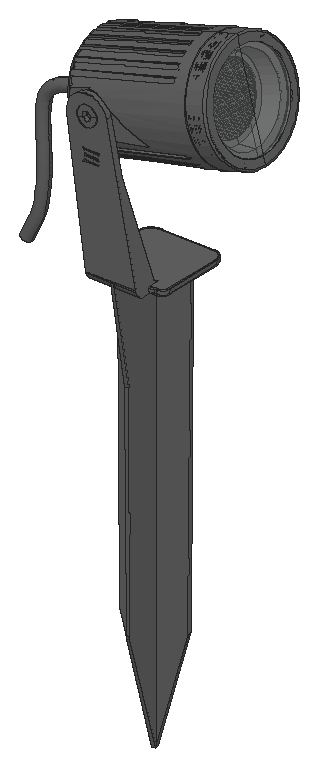
Revit family "STL23765_30 - 15°", category Luminárias, Revit 2023 (continued)
Forms (m)
  Sweep 69, void, not visible
    profile origin (-0.035493, 0.103729, 0.082278) x (0.694296, -0.072899, 0.715988) y (-0.104423, -0.994533, 0)
      loop
        line (-0.001134, -0.001607) -> (0.000403, -0.001703) -> (0.001856, -0.001576)
        spline (0.001856, -0.001576) -> (0.001833, -0.001314) -> (0.001814, -0.001052) -> (0.0018, -0.000789) -> (0.00179, -0.000526) -> (0.001784, -0.000263) -> (0.001782, 0) -> (0.001784, 0.000263) -> (0.00179, 0.000526) -> (0.0018, 0.000789) -> (0.001814, 0.001052) -> (0.001833, 0.001314) -> (0.001856, 0.001576)
        line (0.001856, 0.001576) -> (0.000403, 0.001703) -> (-0.001134, 0.001607)
        spline (-0.001134, 0.001607) -> (-0.001144, 0.001473) -> (-0.001154, 0.001339) -> (-0.001163, 0.001206) -> (-0.00117, 0.001072) -> (-0.001177, 0.000938) -> (-0.001183, 0.000804) -> (-0.001188, 0.00067) -> (-0.001192, 0.000536) -> (-0.001195, 0.000402) -> (-0.001198, 0.000268) -> (-0.001199, 0.000134) -> (-0.001199, 0)
        spline (-0.001199, 0) -> (-0.001199, -0.000134) -> (-0.001198, -0.000268) -> (-0.001195, -0.000402) -> (-0.001192, -0.000536) -> (-0.001188, -0.00067) -> (-0.001183, -0.000804) -> (-0.001177, -0.000938) -> (-0.00117, -0.001072) -> (-0.001163, -0.001206) -> (-0.001154, -0.001339) -> (-0.001144, -0.001473) -> (-0.001134, -0.001607)
  Sweep 70, void, not visible
    path origin (-0.017647, 0.105735, 0.096316) x (0.951077, -0.308954, 0) y (0, 0, 1)
      loop
        line (-0.019286, -0.011939) -> (-0.01498, -0.016138) -> (-0.013266, -0.08651)
    profile origin (-0.033942, 0.111029, 0.082278) x (0.663959, -0.215685, 0.715988) y (-0.308954, -0.951077, 0)
      loop
        line (-0.001134, -0.001607) -> (0.000403, -0.001703) -> (0.001856, -0.001576)
        spline (0.001856, -0.001576) -> (0.001833, -0.001314) -> (0.001814, -0.001052) -> (0.0018, -0.000789) -> (0.00179, -0.000526) -> (0.001784, -0.000263) -> (0.001782, 0) -> (0.001784, 0.000263) -> (0.00179, 0.000526) -> (0.0018, 0.000789) -> (0.001814, 0.001052) -> (0.001833, 0.001314) -> (0.001856, 0.001576)
        line (0.001856, 0.001576) -> (0.000403, 0.001703) -> (-0.001134, 0.001607)
        spline (-0.001134, 0.001607) -> (-0.001144, 0.001473) -> (-0.001154, 0.001339) -> (-0.001163, 0.001206) -> (-0.00117, 0.001072) -> (-0.001177, 0.000938) -> (-0.001183, 0.000804) -> (-0.001188, 0.00067) -> (-0.001192, 0.000536) -> (-0.001195, 0.000402) -> (-0.001198, 0.000268) -> (-0.001199, 0.000134) -> (-0.001199, 0)
        spline (-0.001199, 0) -> (-0.001199, -0.000134) -> (-0.001198, -0.000268) -> (-0.001195, -0.000402) -> (-0.001192, -0.000536) -> (-0.001188, -0.00067) -> (-0.001183, -0.000804) -> (-0.001177, -0.000938) -> (-0.00117, -0.001072) -> (-0.001163, -0.001206) -> (-0.001154, -0.001339) -> (-0.001144, -0.001473) -> (-0.001134, -0.001607)
  Sweep 71, void, not visible
    path origin (-0.017647, 0.094265, 0.096316) x (0.951077, 0.308954, 0) y (0, 0, -1)
      loop
        line (-0.019286, 0.011939) -> (-0.01498, 0.016138) -> (-0.013266, 0.08651)
    profile origin (-0.033942, 0.088971, 0.082278) x (-0.663959, -0.215685, -0.715988) y (-0.308954, 0.951077, 0)
      loop
        spline (0.001134, -0.001607) -> (0.001144, -0.001473) -> (0.001154, -0.001339) -> (0.001163, -0.001206) -> (0.00117, -0.001072) -> (0.001177, -0.000938) -> (0.001183, -0.000804) -> (0.001188, -0.00067) -> (0.001192, -0.000536) -> (0.001195, -0.000402) -> (0.001198, -0.000268) -> (0.001199, -0.000134) -> (0.001199, 0)
        spline (0.001199, 0) -> (0.001199, 0.000134) -> (0.001198, 0.000268) -> (0.001195, 0.000402) -> (0.001192, 0.000536) -> (0.001188, 0.00067) -> (0.001183, 0.000804) -> (0.001177, 0.000938) -> (0.00117, 0.001072) -> (0.001163, 0.001206) -> (0.001154, 0.001339) -> (0.001144, 0.001473) -> (0.001134, 0.001607)
        line (0.001134, 0.001607) -> (-0.000403, 0.001703) -> (-0.001856, 0.001576)
        spline (-0.001856, 0.001576) -> (-0.001833, 0.001314) -> (-0.001814, 0.001052) -> (-0.0018, 0.000789) -> (-0.00179, 0.000526) -> (-0.001784, 0.000263) -> (-0.001782, 0) -> (-0.001784, -0.000263) -> (-0.00179, -0.000526) -> (-0.0018, -0.000789) -> (-0.001814, -0.001052) -> (-0.001833, -0.001314) -> (-0.001856, -0.001576)
        line (-0.001856, -0.001576) -> (-0.000403, -0.001703) -> (0.001134, -0.001607)
  Sweep 72, void, not visible
    path origin (-0.018454, 0.09806, 0.096316) x (0.994533, 0.104423, 0) y (0, 0, -1)
      loop
        line (-0.019286, 0.011939) -> (-0.01498, 0.016138) -> (-0.013266, 0.08651)
    profile origin (-0.035493, 0.096271, 0.082278) x (-0.694296, -0.072899, -0.715988) y (-0.104423, 0.994533, 0)
      loop
        spline (0.001134, -0.001607) -> (0.001144, -0.001473) -> (0.001154, -0.001339) -> (0.001163, -0.001206) -> (0.00117, -0.001072) -> (0.001177, -0.000938) -> (0.001183, -0.000804) -> (0.001188, -0.00067) -> (0.001192, -0.000536) -> (0.001195, -0.000402) -> (0.001198, -0.000268) -> (0.001199, -0.000134) -> (0.001199, 0)
        spline (0.001199, 0) -> (0.001199, 0.000134) -> (0.001198, 0.000268) -> (0.001195, 0.000402) -> (0.001192, 0.000536) -> (0.001188, 0.00067) -> (0.001183, 0.000804) -> (0.001177, 0.000938) -> (0.00117, 0.001072) -> (0.001163, 0.001206) -> (0.001154, 0.001339) -> (0.001144, 0.001473) -> (0.001134, 0.001607)
        line (0.001134, 0.001607) -> (-0.000403, 0.001703) -> (-0.001856, 0.001576)
        spline (-0.001856, 0.001576) -> (-0.001833, 0.001314) -> (-0.001814, 0.001052) -> (-0.0018, 0.000789) -> (-0.00179, 0.000526) -> (-0.001784, 0.000263) -> (-0.001782, 0) -> (-0.001784, -0.000263) -> (-0.00179, -0.000526) -> (-0.0018, -0.000789) -> (-0.001814, -0.001052) -> (-0.001833, -0.001314) -> (-0.001856, -0.001576)
        line (-0.001856, -0.001576) -> (-0.000403, -0.001703) -> (0.001134, -0.001607)
  Sweep 73, void, not visible
    path origin (-0.01607, 0.109278, 0.096316) x (0.866093, -0.499884, 0) y (0, 0, 1)
      loop
        line (-0.019286, -0.011939) -> (-0.01498, -0.016138) -> (-0.013266, -0.08651)
    profile origin (-0.030908, 0.117843, 0.082278) x (0.60463, -0.348975, 0.715988) y (-0.499884, -0.866093, 0)
      loop
        line (-0.001134, -0.001607) -> (0.000403, -0.001703) -> (0.001856, -0.001576)
        spline (0.001856, -0.001576) -> (0.001833, -0.001314) -> (0.001814, -0.001052) -> (0.0018, -0.000789) -> (0.00179, -0.000526) -> (0.001784, -0.000263) -> (0.001782, 0) -> (0.001784, 0.000263) -> (0.00179, 0.000526) -> (0.0018, 0.000789) -> (0.001814, 0.001052) -> (0.001833, 0.001314) -> (0.001856, 0.001576)
        line (0.001856, 0.001576) -> (0.000403, 0.001703) -> (-0.001134, 0.001607)
        spline (-0.001134, 0.001607) -> (-0.001144, 0.001473) -> (-0.001154, 0.001339) -> (-0.001163, 0.001206) -> (-0.00117, 0.001072) -> (-0.001177, 0.000938) -> (-0.001183, 0.000804) -> (-0.001188, 0.00067) -> (-0.001192, 0.000536) -> (-0.001195, 0.000402) -> (-0.001198, 0.000268) -> (-0.001199, 0.000134) -> (-0.001199, 0)
        spline (-0.001199, 0) -> (-0.001199, -0.000134) -> (-0.001198, -0.000268) -> (-0.001195, -0.000402) -> (-0.001192, -0.000536) -> (-0.001188, -0.00067) -> (-0.001183, -0.000804) -> (-0.001177, -0.000938) -> (-0.00117, -0.001072) -> (-0.001163, -0.001206) -> (-0.001154, -0.001339) -> (-0.001144, -0.001473) -> (-0.001134, -0.001607)
  Sweep 74, void, not visible
    path origin (-0.01607, 0.090722, 0.096316) x (0.866093, 0.499884, 0) y (0, 0, -1)
      loop
        line (-0.019286, 0.011939) -> (-0.01498, 0.016138) -> (-0.013266, 0.08651)
    profile origin (-0.030908, 0.082157, 0.082278) x (-0.60463, -0.348975, -0.715988) y (-0.499884, 0.866093, 0)
      loop
        spline (0.001134, -0.001607) -> (0.001144, -0.001473) -> (0.001154, -0.001339) -> (0.001163, -0.001206) -> (0.00117, -0.001072) -> (0.001177, -0.000938) -> (0.001183, -0.000804) -> (0.001188, -0.00067) -> (0.001192, -0.000536) -> (0.001195, -0.000402) -> (0.001198, -0.000268) -> (0.001199, -0.000134) -> (0.001199, 0)
        spline (0.001199, 0) -> (0.001199, 0.000134) -> (0.001198, 0.000268) -> (0.001195, 0.000402) -> (0.001192, 0.000536) -> (0.001188, 0.00067) -> (0.001183, 0.000804) -> (0.001177, 0.000938) -> (0.00117, 0.001072) -> (0.001163, 0.001206) -> (0.001154, 0.001339) -> (0.001144, 0.001473) -> (0.001134, 0.001607)
        line (0.001134, 0.001607) -> (-0.000403, 0.001703) -> (-0.001856, 0.001576)
        spline (-0.001856, 0.001576) -> (-0.001833, 0.001314) -> (-0.001814, 0.001052) -> (-0.0018, 0.000789) -> (-0.00179, 0.000526) -> (-0.001784, 0.000263) -> (-0.001782, 0) -> (-0.001784, -0.000263) -> (-0.00179, -0.000526) -> (-0.0018, -0.000789) -> (-0.001814, -0.001052) -> (-0.001833, -0.001314) -> (-0.001856, -0.001576)
        line (-0.001856, -0.001576) -> (-0.000403, -0.001703) -> (0.001134, -0.001607)
  Sweep 75, void, not visible
    path origin (-0.01379, 0.112416, 0.096316) x (0.743253, -0.66901, 0) y (0, 0, 1)
      loop
        line (-0.019286, -0.011939) -> (-0.01498, -0.016138) -> (-0.013266, -0.08651)
    profile origin (-0.026524, 0.123878, 0.082278) x (0.518874, -0.467045, 0.715988) y (-0.66901, -0.743253, 0)
      loop
        line (-0.001134, -0.001607) -> (0.000403, -0.001703) -> (0.001856, -0.001576)
        spline (0.001856, -0.001576) -> (0.001833, -0.001314) -> (0.001814, -0.001052) -> (0.0018, -0.000789) -> (0.00179, -0.000526) -> (0.001784, -0.000263) -> (0.001782, 0) -> (0.001784, 0.000263) -> (0.00179, 0.000526) -> (0.0018, 0.000789) -> (0.001814, 0.001052) -> (0.001833, 0.001314) -> (0.001856, 0.001576)
        line (0.001856, 0.001576) -> (0.000403, 0.001703) -> (-0.001134, 0.001607)
        spline (-0.001134, 0.001607) -> (-0.001144, 0.001473) -> (-0.001154, 0.001339) -> (-0.001163, 0.001206) -> (-0.00117, 0.001072) -> (-0.001177, 0.000938) -> (-0.001183, 0.000804) -> (-0.001188, 0.00067) -> (-0.001192, 0.000536) -> (-0.001195, 0.000402) -> (-0.001198, 0.000268) -> (-0.001199, 0.000134) -> (-0.001199, 0)
        spline (-0.001199, 0) -> (-0.001199, -0.000134) -> (-0.001198, -0.000268) -> (-0.001195, -0.000402) -> (-0.001192, -0.000536) -> (-0.001188, -0.00067) -> (-0.001183, -0.000804) -> (-0.001177, -0.000938) -> (-0.00117, -0.001072) -> (-0.001163, -0.001206) -> (-0.001154, -0.001339) -> (-0.001144, -0.001473) -> (-0.001134, -0.001607)
  Sweep 76, void, not visible
    path origin (-0.010907, 0.115012, 0.096316) x (0.587905, -0.80893, 0) y (0, 0, 1)
      loop
        line (-0.019286, -0.011939) -> (-0.01498, -0.016138) -> (-0.013266, -0.08651)
    profile origin (-0.020979, 0.128871, 0.082278) x (0.410424, -0.564724, 0.715988) y (-0.80893, -0.587905, 0)
      loop
        line (-0.001134, -0.001607) -> (0.000403, -0.001703) -> (0.001856, -0.001576)
        spline (0.001856, -0.001576) -> (0.001833, -0.001314) -> (0.001814, -0.001052) -> (0.0018, -0.000789) -> (0.00179, -0.000526) -> (0.001784, -0.000263) -> (0.001782, 0) -> (0.001784, 0.000263) -> (0.00179, 0.000526) -> (0.0018, 0.000789) -> (0.001814, 0.001052) -> (0.001833, 0.001314) -> (0.001856, 0.001576)
        line (0.001856, 0.001576) -> (0.000403, 0.001703) -> (-0.001134, 0.001607)
        spline (-0.001134, 0.001607) -> (-0.001144, 0.001473) -> (-0.001154, 0.001339) -> (-0.001163, 0.001206) -> (-0.00117, 0.001072) -> (-0.001177, 0.000938) -> (-0.001183, 0.000804) -> (-0.001188, 0.00067) -> (-0.001192, 0.000536) -> (-0.001195, 0.000402) -> (-0.001198, 0.000268) -> (-0.001199, 0.000134) -> (-0.001199, 0)
        spline (-0.001199, 0) -> (-0.001199, -0.000134) -> (-0.001198, -0.000268) -> (-0.001195, -0.000402) -> (-0.001192, -0.000536) -> (-0.001188, -0.00067) -> (-0.001183, -0.000804) -> (-0.001177, -0.000938) -> (-0.00117, -0.001072) -> (-0.001163, -0.001206) -> (-0.001154, -0.001339) -> (-0.001144, -0.001473) -> (-0.001134, -0.001607)
  Sweep 77, void, not visible
    path origin (-0.01379, 0.087584, 0.096316) x (0.743253, 0.66901, 0) y (0, 0, -1)
      loop
        line (-0.019286, 0.011939) -> (-0.01498, 0.016138) -> (-0.013266, 0.08651)
    profile origin (-0.026524, 0.076122, 0.082278) x (-0.518874, -0.467045, -0.715988) y (-0.66901, 0.743253, 0)
      loop
        spline (0.001134, -0.001607) -> (0.001144, -0.001473) -> (0.001154, -0.001339) -> (0.001163, -0.001206) -> (0.00117, -0.001072) -> (0.001177, -0.000938) -> (0.001183, -0.000804) -> (0.001188, -0.00067) -> (0.001192, -0.000536) -> (0.001195, -0.000402) -> (0.001198, -0.000268) -> (0.001199, -0.000134) -> (0.001199, 0)
        spline (0.001199, 0) -> (0.001199, 0.000134) -> (0.001198, 0.000268) -> (0.001195, 0.000402) -> (0.001192, 0.000536) -> (0.001188, 0.00067) -> (0.001183, 0.000804) -> (0.001177, 0.000938) -> (0.00117, 0.001072) -> (0.001163, 0.001206) -> (0.001154, 0.001339) -> (0.001144, 0.001473) -> (0.001134, 0.001607)
        line (0.001134, 0.001607) -> (-0.000403, 0.001703) -> (-0.001856, 0.001576)
        spline (-0.001856, 0.001576) -> (-0.001833, 0.001314) -> (-0.001814, 0.001052) -> (-0.0018, 0.000789) -> (-0.00179, 0.000526) -> (-0.001784, 0.000263) -> (-0.001782, 0) -> (-0.001784, -0.000263) -> (-0.00179, -0.000526) -> (-0.0018, -0.000789) -> (-0.001814, -0.001052) -> (-0.001833, -0.001314) -> (-0.001856, -0.001576)
        line (-0.001856, -0.001576) -> (-0.000403, -0.001703) -> (0.001134, -0.001607)
  Sweep 78, void, not visible
    path origin (-0.010907, 0.084988, 0.096316) x (0.587905, 0.80893, 0) y (0, 0, -1)
      loop
        line (-0.019286, 0.011939) -> (-0.01498, 0.016138) -> (-0.013266, 0.08651)
    profile origin (-0.020979, 0.071129, 0.082278) x (-0.410424, -0.564724, -0.715988) y (-0.80893, 0.587905, 0)
      loop
        spline (0.001134, -0.001607) -> (0.001144, -0.001473) -> (0.001154, -0.001339) -> (0.001163, -0.001206) -> (0.00117, -0.001072) -> (0.001177, -0.000938) -> (0.001183, -0.000804) -> (0.001188, -0.00067) -> (0.001192, -0.000536) -> (0.001195, -0.000402) -> (0.001198, -0.000268) -> (0.001199, -0.000134) -> (0.001199, 0)
        spline (0.001199, 0) -> (0.001199, 0.000134) -> (0.001198, 0.000268) -> (0.001195, 0.000402) -> (0.001192, 0.000536) -> (0.001188, 0.00067) -> (0.001183, 0.000804) -> (0.001177, 0.000938) -> (0.00117, 0.001072) -> (0.001163, 0.001206) -> (0.001154, 0.001339) -> (0.001144, 0.001473) -> (0.001134, 0.001607)
        line (0.001134, 0.001607) -> (-0.000403, 0.001703) -> (-0.001856, 0.001576)
        spline (-0.001856, 0.001576) -> (-0.001833, 0.001314) -> (-0.001814, 0.001052) -> (-0.0018, 0.000789) -> (-0.00179, 0.000526) -> (-0.001784, 0.000263) -> (-0.001782, 0) -> (-0.001784, -0.000263) -> (-0.00179, -0.000526) -> (-0.0018, -0.000789) -> (-0.001814, -0.001052) -> (-0.001833, -0.001314) -> (-0.001856, -0.001576)
        line (-0.001856, -0.001576) -> (-0.000403, -0.001703) -> (0.001134, -0.001607)
  Revolve 79, solid, material "Al - Preto" <- "Estrutura", not visible
    sketch origin (0.1, 0.1, 0.1) x (1, 0, 0) y (0, 0, 1)
      loop
        line (-0.133983, -0.009035) -> (-0.13287, -0.00899) -> (-0.131937, -0.008555) -> (-0.133067, -0.008023) -> (-0.132, -0.007581) -> (-0.133063, -0.007021) -> (-0.132, -0.006581) -> (-0.133063, -0.006021) -> (-0.132, -0.005581) -> (-0.133063, -0.005021) -> (-0.132, -0.004581) -> (-0.133063, -0.004021) -> (-0.132, -0.003581) -> (-0.133063, -0.003021) -> (-0.132, -0.002581) -> (-0.133, -0.002025) -> (-0.1318, -0.002025) -> (-0.1318, 0.001475) -> (-0.12815, 0.001475) -> (-0.12815, 0.002975) -> (-0.132887, 0.002975)
        arc (-0.132887, 0.002975) -> (-0.133591, 0.002685) -> (-0.133886, 0.001984) r 0.001
        line (-0.133886, 0.001984) -> (-0.133983, -0.009035)
      axis (-0.1, 0.002975) -> (-0.1, -0.009035)
    angle from 0 to 360
  Revolve 80, solid, material "Vidro" <- "Vidro", not visible
    sketch origin (0.1, 0.1, 0.1) x (1, 0, 0) y (0, 0, 1)
      loop
        line (-0.13, 0.000475) -> (-0.13, -0.001025) -> (-0.1, -0.001025) -> (-0.1, 0.002975) -> (-0.128, 0.002975) -> (-0.128, 0.001475) -> (-0.129, 0.001475) -> (-0.13, 0.000475)
      axis (-0.1, 0.002975) -> (-0.1, -0.001025)
    angle from 0 to 360
  Revolve 81, solid, material "Al - Preto" <- "Estrutura", not visible
    sketch origin (0, 0.1, 0.1) x (1, 0, 0) y (0, 0, 1)
      loop
        line (-0.0085, -0.088525) -> (-0.011079, -0.088525)
        arc (-0.011079, -0.088525) -> (-0.01067, -0.088694) -> (-0.0105, -0.089104) r 0.000579
        line (-0.0105, -0.089104) -> (-0.0105, -0.091537) -> (-0.0085, -0.091537) -> (-0.0085, -0.088525)
      axis (0, -0.088525) -> (0, -0.091537)
    angle from 0 to 360
  Extrusion 82, solid, material "Al - Preto" <- "Estrutura", not visible
    sketch origin (0, 0.1, 0.099975) x (1, 0, 0) y (0, 1, 0)
      loop
        circle (0, 0) r 0.0105
      loop
        circle (0, 0) r 0.0085
    from -0.099688 to -0.091512
  Revolve 83, solid, material "Al - Preto" <- "Estrutura", not visible
    sketch origin (0, 0.1, 0.1) x (1, 0, 0) y (0, 0, 1)
      loop
        line (-0.004, -0.105525) -> (-0.004, -0.104253)
        arc (-0.004, -0.104253) -> (-0.005857, -0.103303) -> (-0.006956, -0.10153) r 0.003887
        line (-0.006956, -0.10153) -> (-0.0085, -0.10153)
        arc (-0.0085, -0.10153) -> (-0.007283, -0.103986) -> (-0.005015, -0.105525) r 0.005387
        line (-0.005015, -0.105525) -> (-0.004, -0.105525)
      axis (0, -0.10153) -> (0, -0.105525)
    angle from 0 to 360
  Revolve 84, solid, material "Al - Preto" <- "Estrutura", not visible
    sketch origin (0, 0.1, 0.1) x (1, 0, 0) y (0, 0, 1)
      loop
        line (-0.00625, -0.10153) -> (-0.00625, -0.099713) -> (-0.0105, -0.099713) -> (-0.008501, -0.10153) -> (-0.00625, -0.10153)
      axis (0, -0.099713) -> (0, -0.10153)
    angle from 0 to 360
  Extrusion 85, void, not visible
    sketch origin (0, 0.1, 0.100975) x (1, 0, 0) y (0, 1, 0)
      loop
        line (-0.005485, 0.0095) -> (-0.01097, 0) -> (-0.005485, -0.0095) -> (0.005485, -0.0095) -> (0.01097, 0) -> (0.005485, 0.0095) -> (-0.005485, 0.0095)
      loop
        line (-0.007217, 0.0125) -> (-0.014434, 0) -> (-0.007217, -0.0125) -> (0.007217, -0.0125) -> (0.014434, 0) -> (0.007217, 0.0125) -> (-0.007217, 0.0125)
    from -0.102505 to -0.092512
  Sweep 86, solid, material "Al - Preto" <- "Estrutura", not visible
    path origin (0, 0.1, 0.1) x (1, 0, 0) y (0, 0, 1)
      loop
        spline (0, -0.088525) -> (0.00017, -0.107254) -> (0.001359, -0.118541) -> (0.004485, -0.125329) -> (0.009784, -0.129392) -> (0.017205, -0.132016) -> (0.026383, -0.134226) -> (0.036128, -0.136364) -> (0.045162, -0.138662) -> (0.053185, -0.141298) -> (0.060844, -0.1444) -> (0.06925, -0.14888) -> (0.081542, -0.159408)
    profile origin (0, 0.1, 0.011475) x (0, -1, 0) y (1, 0, 0)
      loop
        circle (0, 0) r 0.0034
  Extrusion 87, solid, material "Al - Preto" <- "Estrutura", not visible
    sketch origin (0.146239, 0.1, 0.083329) x (1, 0, 0) y (0, 1, 0)
      loop
        line (-0.170839, 0.0246) -> (-0.170839, -0.0246) -> (-0.121639, -0.0246) -> (-0.121639, 0.0246) -> (-0.170839, 0.0246)
    from 0.0006 to 0.0036
  Extrusion 88, void, not visible
    sketch origin (0.146239, 0.1, 0.083329) x (1, 0, 0) y (0, 1, 0)
      loop
        line (-0.136915, -0.0015) -> (-0.13768, -0.000175) -> (-0.13921, -0.000175) -> (-0.139975, -0.0015) -> (-0.13921, -0.002825) -> (-0.13768, -0.002825) -> (-0.136915, -0.0015)
      loop
        line (-0.139513, 0) -> (-0.140278, 0.001325) -> (-0.141808, 0.001325) -> (-0.142573, 0) -> (-0.141808, -0.001325) -> (-0.140278, -0.001325) -> (-0.139513, 0)
      loop
        line (-0.142111, 0.0015) -> (-0.142876, 0.002825) -> (-0.144406, 0.002825) -> (-0.145171, 0.0015) -> (-0.144406, 0.000175) -> (-0.142876, 0.000175) -> (-0.142111, 0.0015)
      loop
        line (-0.144709, 0.003) -> (-0.145474, 0.004325) -> (-0.147004, 0.004325) -> (-0.147769, 0.003) -> (-0.147004, 0.001675) -> (-0.145474, 0.001675) -> (-0.144709, 0.003)
      loop
        line (-0.147307, 0.0045) -> (-0.148072, 0.005825) -> (-0.149602, 0.005825) -> (-0.150367, 0.0045) -> (-0.149602, 0.003175) -> (-0.148072, 0.003175) -> (-0.147307, 0.0045)
      loop
        line (-0.149905, 0.006) -> (-0.15067, 0.007325) -> (-0.1522, 0.007325) -> (-0.152965, 0.006) -> (-0.1522, 0.004675) -> (-0.15067, 0.004675) -> (-0.149905, 0.006)
      loop
        line (-0.152503, 0.0075) -> (-0.153268, 0.008825) -> (-0.154798, 0.008825) -> (-0.155563, 0.0075) -> (-0.154798, 0.006175) -> (-0.153268, 0.006175) -> (-0.152503, 0.0075)
      loop
        line (-0.155101, 0.009) -> (-0.155866, 0.010325) -> (-0.157396, 0.010325) -> (-0.158161, 0.009) -> (-0.157396, 0.007675) -> (-0.155866, 0.007675) -> (-0.155101, 0.009)
      loop
        line (-0.131718, -0.0045) -> (-0.132483, -0.003175) -> (-0.134013, -0.003175) -> (-0.134778, -0.0045) -> (-0.134013, -0.005825) -> (-0.132483, -0.005825) -> (-0.131718, -0.0045)
      loop
        line (-0.134317, -0.003) -> (-0.135081, -0.001675) -> (-0.136611, -0.001675) -> (-0.137376, -0.003) -> (-0.136611, -0.004325) -> (-0.135082, -0.004325) -> (-0.134317, -0.003)
      loop
        line (-0.139513, -0.003) -> (-0.140278, -0.001675) -> (-0.141808, -0.001675) -> (-0.142573, -0.003) -> (-0.141808, -0.004325) -> (-0.140278, -0.004325) -> (-0.139513, -0.003)
      loop
        line (-0.142111, -0.0015) -> (-0.142876, -0.000175) -> (-0.144406, -0.000175) -> (-0.145171, -0.0015) -> (-0.144406, -0.002825) -> (-0.142876, -0.002825) -> (-0.142111, -0.0015)
      loop
        line (-0.144709, 0) -> (-0.145474, 0.001325) -> (-0.147004, 0.001325) -> (-0.147769, 0) -> (-0.147004, -0.001325) -> (-0.145474, -0.001325) -> (-0.144709, 0)
      loop
        line (-0.147307, 0.0015) -> (-0.148072, 0.002825) -> (-0.149602, 0.002825) -> (-0.150367, 0.0015) -> (-0.149602, 0.000175) -> (-0.148072, 0.000175) -> (-0.147307, 0.0015)
      loop
        line (-0.149905, 0.003) -> (-0.15067, 0.004325) -> (-0.1522, 0.004325) -> (-0.152965, 0.003) -> (-0.1522, 0.001675) -> (-0.15067, 0.001675) -> (-0.149905, 0.003)
      loop
        line (-0.152503, 0.0045) -> (-0.153268, 0.005825) -> (-0.154798, 0.005825) -> (-0.155563, 0.0045) -> (-0.154798, 0.003175) -> (-0.153268, 0.003175) -> (-0.152503, 0.0045)
      loop
        line (-0.155101, 0.006) -> (-0.155866, 0.007325) -> (-0.157396, 0.007325) -> (-0.158161, 0.006) -> (-0.157396, 0.004675) -> (-0.155866, 0.004675) -> (-0.155101, 0.006)
      loop
        line (-0.157699, 0.0075) -> (-0.158464, 0.008825) -> (-0.159994, 0.008825) -> (-0.160759, 0.0075) -> (-0.159994, 0.006175) -> (-0.158464, 0.006175) -> (-0.157699, 0.0075)
      loop
        line (-0.131718, -0.0075) -> (-0.132483, -0.006175) -> (-0.134013, -0.006175) -> (-0.134778, -0.0075) -> (-0.134013, -0.008825) -> (-0.132483, -0.008825) -> (-0.131718, -0.0075)
      loop
        line (-0.134317, -0.006) -> (-0.135082, -0.004675) -> (-0.136611, -0.004675) -> (-0.137376, -0.006) -> (-0.136611, -0.007325) -> (-0.135082, -0.007325) -> (-0.134317, -0.006)
      loop
        line (-0.136915, -0.0045) -> (-0.13768, -0.003175) -> (-0.13921, -0.003175) -> (-0.139975, -0.0045) -> (-0.13921, -0.005825) -> (-0.13768, -0.005825) -> (-0.136915, -0.0045)
      loop
        line (-0.139513, -0.006) -> (-0.140278, -0.004675) -> (-0.141808, -0.004675) -> (-0.142573, -0.006) -> (-0.141808, -0.007325) -> (-0.140278, -0.007325) -> (-0.139513, -0.006)
      loop
        line (-0.142111, -0.0045) -> (-0.142876, -0.003175) -> (-0.144406, -0.003175) -> (-0.145171, -0.0045) -> (-0.144406, -0.005825) -> (-0.142876, -0.005825) -> (-0.142111, -0.0045)
      loop
        line (-0.144709, -0.003) -> (-0.145474, -0.001675) -> (-0.147004, -0.001675) -> (-0.147769, -0.003) -> (-0.147004, -0.004325) -> (-0.145474, -0.004325) -> (-0.144709, -0.003)
      loop
        line (-0.147307, -0.0015) -> (-0.148072, -0.000175) -> (-0.149602, -0.000175) -> (-0.150367, -0.0015) -> (-0.149602, -0.002825) -> (-0.148072, -0.002825) -> (-0.147307, -0.0015)
      loop
        line (-0.149905, 0) -> (-0.15067, 0.001325) -> (-0.1522, 0.001325) -> (-0.152965, 0) -> (-0.1522, -0.001325) -> (-0.15067, -0.001325) -> (-0.149905, 0)
      loop
        line (-0.152503, 0.0015) -> (-0.153268, 0.002825) -> (-0.154798, 0.002825) -> (-0.155563, 0.0015) -> (-0.154798, 0.000175) -> (-0.153268, 0.000175) -> (-0.152503, 0.0015)
      loop
        line (-0.155101, 0.003) -> (-0.155866, 0.004325) -> (-0.157396, 0.004325) -> (-0.158161, 0.003) -> (-0.157396, 0.001675) -> (-0.155866, 0.001675) -> (-0.155101, 0.003)
      loop
        line (-0.157699, 0.0045) -> (-0.158464, 0.005825) -> (-0.159994, 0.005825) -> (-0.160759, 0.0045) -> (-0.159994, 0.003175) -> (-0.158464, 0.003175) -> (-0.157699, 0.0045)
      loop
        line (-0.134317, -0.009) -> (-0.135082, -0.007675) -> (-0.136611, -0.007675) -> (-0.137376, -0.009) -> (-0.136611, -0.010325) -> (-0.135082, -0.010325) -> (-0.134317, -0.009)
      loop
        line (-0.136915, -0.0075) -> (-0.13768, -0.006175) -> (-0.13921, -0.006175) -> (-0.139975, -0.0075) -> (-0.13921, -0.008825) -> (-0.13768, -0.008825) -> (-0.136915, -0.0075)
      loop
        line (-0.142111, -0.0075) -> (-0.142876, -0.006175) -> (-0.144406, -0.006175) -> (-0.145171, -0.0075) -> (-0.144406, -0.008825) -> (-0.142876, -0.008825) -> (-0.142111, -0.0075)
      loop
        line (-0.144709, -0.006) -> (-0.145474, -0.004675) -> (-0.147004, -0.004675) -> (-0.147769, -0.006) -> (-0.147004, -0.007325) -> (-0.145474, -0.007325) -> (-0.144709, -0.006)
      loop
        line (-0.147307, -0.0045) -> (-0.148072, -0.003175) -> (-0.149602, -0.003175) -> (-0.150367, -0.0045) -> (-0.149602, -0.005825) -> (-0.148072, -0.005825) -> (-0.147307, -0.0045)
      loop
        line (-0.149905, -0.003) -> (-0.15067, -0.001675) -> (-0.1522, -0.001675) -> (-0.152965, -0.003) -> (-0.1522, -0.004325) -> (-0.15067, -0.004325) -> (-0.149905, -0.003)
      loop
        line (-0.152503, -0.0015) -> (-0.153268, -0.000175) -> (-0.154798, -0.000175) -> (-0.155563, -0.0015) -> (-0.154798, -0.002825) -> (-0.153268, -0.002825) -> (-0.152503, -0.0015)
      loop
        line (-0.155101, 0) -> (-0.155866, 0.001325) -> (-0.157396, 0.001325) -> (-0.158161, 0) -> (-0.157396, -0.001325) -> (-0.155866, -0.001325) -> (-0.155101, 0)
      loop
        line (-0.157699, 0.0015) -> (-0.158464, 0.002825) -> (-0.159994, 0.002825) -> (-0.160759, 0.0015) -> (-0.159994, 0.000175) -> (-0.158464, 0.000175) -> (-0.157699, 0.0015)
      loop
        line (-0.136915, -0.0105) -> (-0.13768, -0.009175) -> (-0.13921, -0.009175) -> (-0.139975, -0.0105) -> (-0.13921, -0.011825) -> (-0.13768, -0.011825) -> (-0.136915, -0.0105)
      loop
        line (-0.139513, -0.009) -> (-0.140278, -0.007675) -> (-0.141808, -0.007675) -> (-0.142573, -0.009) -> (-0.141808, -0.010325) -> (-0.140278, -0.010325) -> (-0.139513, -0.009)
      loop
        line (-0.142111, -0.0105) -> (-0.142876, -0.009175) -> (-0.144406, -0.009175) -> (-0.145171, -0.0105) -> (-0.144406, -0.011825) -> (-0.142876, -0.011825) -> (-0.142111, -0.0105)
      loop
        line (-0.144709, -0.009) -> (-0.145474, -0.007675) -> (-0.147004, -0.007675) -> (-0.147769, -0.009) -> (-0.147004, -0.010325) -> (-0.145474, -0.010325) -> (-0.144709, -0.009)
      loop
        line (-0.147307, -0.0075) -> (-0.148072, -0.006175) -> (-0.149602, -0.006175) -> (-0.150367, -0.0075) -> (-0.149602, -0.008825) -> (-0.148072, -0.008825) -> (-0.147307, -0.0075)
      loop
        line (-0.149905, -0.006) -> (-0.15067, -0.004675) -> (-0.1522, -0.004675) -> (-0.152965, -0.006) -> (-0.1522, -0.007325) -> (-0.15067, -0.007325) -> (-0.149905, -0.006)
      loop
        line (-0.152503, -0.0045) -> (-0.153268, -0.003175) -> (-0.154798, -0.003175) -> (-0.155563, -0.0045) -> (-0.154798, -0.005825) -> (-0.153268, -0.005825) -> (-0.152503, -0.0045)
      loop
        line (-0.155101, -0.003) -> (-0.155866, -0.001675) -> (-0.157396, -0.001675) -> (-0.158161, -0.003) -> (-0.157396, -0.004325) -> (-0.155866, -0.004325) -> (-0.155101, -0.003)
      loop
        line (-0.157699, -0.0015) -> (-0.158464, -0.000175) -> (-0.159994, -0.000175) -> (-0.160759, -0.0015) -> (-0.159994, -0.002825) -> (-0.158464, -0.002825) -> (-0.157699, -0.0015)
      loop
        line (-0.139513, -0.012) -> (-0.140278, -0.010675) -> (-0.141808, -0.010675) -> (-0.142573, -0.012) -> (-0.141808, -0.013325) -> (-0.140278, -0.013325) -> (-0.139513, -0.012)
      loop
        line (-0.144709, -0.012) -> (-0.145474, -0.010675) -> (-0.147004, -0.010675) -> (-0.147769, -0.012) -> (-0.147004, -0.013325) -> (-0.145474, -0.013325) -> (-0.144709, -0.012)
      loop
        line (-0.147307, -0.0105) -> (-0.148072, -0.009175) -> (-0.149602, -0.009175) -> (-0.150367, -0.0105) -> (-0.149602, -0.011825) -> (-0.148072, -0.011825) -> (-0.147307, -0.0105)
      loop
        line (-0.149905, -0.009) -> (-0.15067, -0.007675) -> (-0.1522, -0.007675) -> (-0.152965, -0.009) -> (-0.1522, -0.010325) -> (-0.15067, -0.010325) -> (-0.149905, -0.009)
      loop
        line (-0.152503, -0.0075) -> (-0.153268, -0.006175) -> (-0.154798, -0.006175) -> (-0.155563, -0.0075) -> (-0.154798, -0.008825) -> (-0.153268, -0.008825) -> (-0.152503, -0.0075)
      loop
        line (-0.155101, -0.006) -> (-0.155866, -0.004675) -> (-0.157396, -0.004675) -> (-0.158161, -0.006) -> (-0.157396, -0.007325) -> (-0.155866, -0.007325) -> (-0.155101, -0.006)
      loop
        line (-0.157699, -0.0045) -> (-0.158464, -0.003175) -> (-0.159994, -0.003175) -> (-0.160759, -0.0045) -> (-0.159994, -0.005825) -> (-0.158464, -0.005825) -> (-0.157699, -0.0045)
      loop
        line (-0.142111, -0.0135) -> (-0.142876, -0.012175) -> (-0.144406, -0.012175) -> (-0.145171, -0.0135) -> (-0.144406, -0.014825) -> (-0.142876, -0.014825) -> (-0.142111, -0.0135)
      loop
        line (-0.144709, -0.015) -> (-0.145474, -0.013675) -> (-0.147004, -0.013675) -> (-0.147769, -0.015) -> (-0.147004, -0.016325) -> (-0.145474, -0.016325) -> (-0.144709, -0.015)
      loop
        line (-0.147307, -0.0135) -> (-0.148072, -0.012175) -> (-0.149602, -0.012175) -> (-0.150367, -0.0135) -> (-0.149602, -0.014825) -> (-0.148072, -0.014825) -> (-0.147307, -0.0135)
      loop
        line (-0.149905, -0.012) -> (-0.15067, -0.010675) -> (-0.1522, -0.010675) -> (-0.152965, -0.012) -> (-0.1522, -0.013325) -> (-0.15067, -0.013325) -> (-0.149905, -0.012)
      loop
        line (-0.152503, -0.0105) -> (-0.153268, -0.009175) -> (-0.154798, -0.009175) -> (-0.155563, -0.0105) -> (-0.154798, -0.011825) -> (-0.153268, -0.011825) -> (-0.152503, -0.0105)
      loop
        line (-0.155101, -0.009) -> (-0.155866, -0.007675) -> (-0.157396, -0.007675) -> (-0.158161, -0.009) -> (-0.157396, -0.010325) -> (-0.155866, -0.010325) -> (-0.155101, -0.009)
      loop
        line (-0.157699, -0.0075) -> (-0.158464, -0.006175) -> (-0.159994, -0.006175) -> (-0.160759, -0.0075) -> (-0.159994, -0.008825) -> (-0.158464, -0.008825) -> (-0.157699, -0.0075)
      loop
        line (-0.152503, 0.0105) -> (-0.153268, 0.011825) -> (-0.154798, 0.011825) -> (-0.155563, 0.0105) -> (-0.154798, 0.009175) -> (-0.153268, 0.009175) -> (-0.152503, 0.0105)
      loop
        line (-0.149905, 0.009) -> (-0.15067, 0.010325) -> (-0.1522, 0.010325) -> (-0.152965, 0.009) -> (-0.1522, 0.007675) -> (-0.15067, 0.007675) -> (-0.149905, 0.009)
      loop
        line (-0.147307, 0.0075) -> (-0.148072, 0.008825) -> (-0.149602, 0.008825) -> (-0.150367, 0.0075) -> (-0.149602, 0.006175) -> (-0.148072, 0.006175) -> (-0.147307, 0.0075)
      loop
        line (-0.144709, 0.006) -> (-0.145474, 0.007325) -> (-0.147004, 0.007325) -> (-0.147769, 0.006) -> (-0.147004, 0.004675) -> (-0.145474, 0.004675) -> (-0.144709, 0.006)
      loop
        line (-0.142111, 0.0045) -> (-0.142876, 0.005825) -> (-0.144406, 0.005825) -> (-0.145171, 0.0045) -> (-0.144406, 0.003175) -> (-0.142876, 0.003175) -> (-0.142111, 0.0045)
      loop
        line (-0.139513, 0.003) -> (-0.140278, 0.004325) -> (-0.141808, 0.004325) -> (-0.142573, 0.003) -> (-0.141808, 0.001675) -> (-0.140278, 0.001675) -> (-0.139513, 0.003)
      loop
        line (-0.136915, 0.0015) -> (-0.13768, 0.002825) -> (-0.13921, 0.002825) -> (-0.139975, 0.0015) -> (-0.13921, 0.000175) -> (-0.13768, 0.000175) -> (-0.136915, 0.0015)
      loop
        line (-0.134317, 0) -> (-0.135081, 0.001325) -> (-0.136611, 0.001325) -> (-0.137376, 0) -> (-0.136611, -0.001325) -> (-0.135081, -0.001325) -> (-0.134317, 0)
      loop
        line (-0.131718, -0.0015) -> (-0.132483, -0.000175) -> (-0.134013, -0.000175) -> (-0.134778, -0.0015) -> (-0.134013, -0.002825) -> (-0.132483, -0.002825) -> (-0.131718, -0.0015)
      loop
        line (-0.149905, 0.012) -> (-0.15067, 0.013325) -> (-0.1522, 0.013325) -> (-0.152965, 0.012) -> (-0.1522, 0.010675) -> (-0.15067, 0.010675) -> (-0.149905, 0.012)
      loop
        line (-0.147307, 0.0105) -> (-0.148072, 0.011825) -> (-0.149602, 0.011825) -> (-0.150367, 0.0105) -> (-0.149602, 0.009175) -> (-0.148072, 0.009175) -> (-0.147307, 0.0105)
      loop
        line (-0.144709, 0.009) -> (-0.145474, 0.010325) -> (-0.147004, 0.010325) -> (-0.147769, 0.009) -> (-0.147004, 0.007675) -> (-0.145474, 0.007675) -> (-0.144709, 0.009)
      loop
        line (-0.142111, 0.0075) -> (-0.142876, 0.008825) -> (-0.144406, 0.008825) -> (-0.145171, 0.0075) -> (-0.144406, 0.006175) -> (-0.142876, 0.006175) -> (-0.142111, 0.0075)
      loop
        line (-0.139513, 0.006) -> (-0.140278, 0.007325) -> (-0.141808, 0.007325) -> (-0.142573, 0.006) -> (-0.141808, 0.004675) -> (-0.140278, 0.004675) -> (-0.139513, 0.006)
      loop
        line (-0.136915, 0.0045) -> (-0.13768, 0.005825) -> (-0.13921, 0.005825) -> (-0.139975, 0.0045) -> (-0.13921, 0.003175) -> (-0.13768, 0.003175) -> (-0.136915, 0.0045)
      loop
        line (-0.134317, 0.003) -> (-0.135081, 0.004325) -> (-0.136611, 0.004325) -> (-0.137376, 0.003) -> (-0.136611, 0.001675) -> (-0.135081, 0.001675) -> (-0.134317, 0.003)
      loop
        line (-0.131718, 0.0015) -> (-0.132483, 0.002825) -> (-0.134013, 0.002825) -> (-0.134778, 0.0015) -> (-0.134013, 0.000175) -> (-0.132483, 0.000175) -> (-0.131718, 0.0015)
      loop
        line (-0.147307, 0.0135) -> (-0.148072, 0.014825) -> (-0.149602, 0.014825) -> (-0.150367, 0.0135) -> (-0.149602, 0.012175) -> (-0.148072, 0.012175) -> (-0.147307, 0.0135)
      loop
        line (-0.144709, 0.012) -> (-0.145474, 0.013325) -> (-0.147004, 0.013325) -> (-0.147769, 0.012) -> (-0.147004, 0.010675) -> (-0.145474, 0.010675) -> (-0.144709, 0.012)
      loop
        line (-0.142111, 0.0105) -> (-0.142876, 0.011825) -> (-0.144406, 0.011825) -> (-0.145171, 0.0105) -> (-0.144406, 0.009175) -> (-0.142876, 0.009175) -> (-0.142111, 0.0105)
      loop
        line (-0.139513, 0.009) -> (-0.140278, 0.010325) -> (-0.141808, 0.010325) -> (-0.142573, 0.009) -> (-0.141808, 0.007675) -> (-0.140278, 0.007675) -> (-0.139513, 0.009)
      loop
        line (-0.136915, 0.0075) -> (-0.13768, 0.008825) -> (-0.13921, 0.008825) -> (-0.139975, 0.0075) -> (-0.13921, 0.006175) -> (-0.13768, 0.006175) -> (-0.136915, 0.0075)
      loop
        line (-0.134316, 0.006) -> (-0.135081, 0.007325) -> (-0.136611, 0.007325) -> (-0.137376, 0.006) -> (-0.136611, 0.004675) -> (-0.135081, 0.004675) -> (-0.134316, 0.006)
      loop
        line (-0.131715, 0.004498) -> (-0.13248, 0.005823) -> (-0.13401, 0.005823) -> (-0.134775, 0.004498) -> (-0.13401, 0.003173) -> (-0.13248, 0.003173) -> (-0.131715, 0.004498)
      loop
        line (-0.144709, 0.015) -> (-0.145474, 0.016325) -> (-0.147004, 0.016325) -> (-0.147769, 0.015) -> (-0.147004, 0.013675) -> (-0.145474, 0.013675) -> (-0.144709, 0.015)
      loop
        line (-0.142111, 0.0135) -> (-0.142876, 0.014825) -> (-0.144406, 0.014825) -> (-0.145171, 0.0135) -> (-0.144406, 0.012175) -> (-0.142876, 0.012175) -> (-0.142111, 0.0135)
      loop
        line (-0.139513, 0.012) -> (-0.140278, 0.013325) -> (-0.141808, 0.013325) -> (-0.142573, 0.012) -> (-0.141808, 0.010675) -> (-0.140278, 0.010675) -> (-0.139513, 0.012)
      loop
        line (-0.136915, 0.0105) -> (-0.13768, 0.011825) -> (-0.13921, 0.011825) -> (-0.139975, 0.0105) -> (-0.13921, 0.009175) -> (-0.13768, 0.009175) -> (-0.136915, 0.0105)
      loop
        line (-0.134316, 0.009) -> (-0.135081, 0.010325) -> (-0.136611, 0.010325) -> (-0.137376, 0.009) -> (-0.136611, 0.007675) -> (-0.135081, 0.007675) -> (-0.134316, 0.009)
      loop
        line (-0.131715, 0.007498) -> (-0.13248, 0.008823) -> (-0.13401, 0.008823) -> (-0.134775, 0.007498) -> (-0.13401, 0.006173) -> (-0.13248, 0.006173) -> (-0.131715, 0.007498)
      loop
        line (-0.149909, 0.015002) -> (-0.150674, 0.016327) -> (-0.152204, 0.016327) -> (-0.152969, 0.015002) -> (-0.152204, 0.013677) -> (-0.150674, 0.013677) -> (-0.149909, 0.015002)
      loop
        line (-0.147307, 0.0165) -> (-0.148072, 0.017825) -> (-0.149602, 0.017825) -> (-0.150367, 0.0165) -> (-0.149602, 0.015175) -> (-0.148072, 0.015175) -> (-0.147307, 0.0165)
      loop
        line (-0.142111, 0.0165) -> (-0.142876, 0.017825) -> (-0.144406, 0.017825) -> (-0.145171, 0.0165) -> (-0.144406, 0.015175) -> (-0.142876, 0.015175) -> (-0.142111, 0.0165)
      loop
        line (-0.139513, 0.015) -> (-0.140278, 0.016325) -> (-0.141808, 0.016325) -> (-0.142573, 0.015) -> (-0.141808, 0.013675) -> (-0.140278, 0.013675) -> (-0.139513, 0.015)
      loop
        line (-0.144709, 0.018) -> (-0.145474, 0.019325) -> (-0.147004, 0.019325) -> (-0.147769, 0.018) -> (-0.147004, 0.016675) -> (-0.145474, 0.016675) -> (-0.144709, 0.018)
      loop
        line (-0.136915, 0.0135) -> (-0.137737, 0.014725) -> (-0.13921, 0.014825) -> (-0.139975, 0.0135) -> (-0.13921, 0.012175) -> (-0.13768, 0.012175) -> (-0.136915, 0.0135)
      loop
        line (-0.134316, 0.012) -> (-0.135081, 0.013325) -> (-0.136611, 0.013325) -> (-0.137376, 0.012) -> (-0.136611, 0.010675) -> (-0.135081, 0.010675) -> (-0.134316, 0.012)
      loop
        line (-0.131718, 0.0105) -> (-0.132483, 0.011825) -> (-0.134013, 0.011825) -> (-0.134778, 0.0105) -> (-0.134013, 0.009175) -> (-0.132483, 0.009175) -> (-0.131718, 0.0105)
      loop
        line (-0.129113, 0.005996) -> (-0.129878, 0.007321) -> (-0.131408, 0.007321) -> (-0.132173, 0.005996) -> (-0.131408, 0.004671) -> (-0.129878, 0.004671) -> (-0.129113, 0.005996)
      loop
        line (-0.129113, 0.002996) -> (-0.129878, 0.004321) -> (-0.131408, 0.004321) -> (-0.132173, 0.002996) -> (-0.131408, 0.001671) -> (-0.129878, 0.001671) -> (-0.129113, 0.002996)
      loop
        line (-0.129254, -0.000036) -> (-0.129885, 0.001325) -> (-0.131415, 0.001325) -> (-0.13218, 0) -> (-0.131415, -0.001325) -> (-0.129885, -0.001325) -> (-0.129254, -0.000036)
      loop
        line (-0.12912, -0.003) -> (-0.129885, -0.001675) -> (-0.131415, -0.001675) -> (-0.13218, -0.003) -> (-0.131415, -0.004325) -> (-0.129885, -0.004325) -> (-0.12912, -0.003)
      loop
        line (-0.12912, -0.006) -> (-0.129885, -0.004675) -> (-0.131415, -0.004675) -> (-0.13218, -0.006) -> (-0.131415, -0.007325) -> (-0.129885, -0.007325) -> (-0.12912, -0.006)
      loop
        line (-0.12912, 0.009) -> (-0.129885, 0.010325) -> (-0.131415, 0.010325) -> (-0.13218, 0.009) -> (-0.131415, 0.007675) -> (-0.129885, 0.007675) -> (-0.12912, 0.009)
      loop
        line (-0.152503, 0.0135) -> (-0.153268, 0.014825) -> (-0.154776, 0.014743) -> (-0.155563, 0.0135) -> (-0.154798, 0.012175) -> (-0.153268, 0.012175) -> (-0.152503, 0.0135)
      loop
        line (-0.155101, 0.012) -> (-0.155866, 0.013325) -> (-0.157396, 0.013325) -> (-0.158161, 0.012) -> (-0.157396, 0.010675) -> (-0.155866, 0.010675) -> (-0.155101, 0.012)
      loop
        line (-0.157699, 0.0105) -> (-0.158464, 0.011825) -> (-0.159994, 0.011825) -> (-0.160759, 0.0105) -> (-0.159994, 0.009175) -> (-0.158464, 0.009175) -> (-0.157699, 0.0105)
      loop
        line (-0.160297, 0.009) -> (-0.161062, 0.010325) -> (-0.162592, 0.010325) -> (-0.163357, 0.009) -> (-0.162592, 0.007675) -> (-0.161062, 0.007675) -> (-0.160297, 0.009)
      loop
        line (-0.160297, 0.006) -> (-0.161062, 0.007325) -> (-0.162592, 0.007325) -> (-0.163357, 0.006) -> (-0.162592, 0.004675) -> (-0.161062, 0.004675) -> (-0.160297, 0.006)
      loop
        line (-0.160297, 0.003) -> (-0.161062, 0.004325) -> (-0.162592, 0.004325) -> (-0.163357, 0.003) -> (-0.162592, 0.001675) -> (-0.161062, 0.001675) -> (-0.160297, 0.003)
      loop
        line (-0.160297, 0) -> (-0.161062, 0.001325) -> (-0.162592, 0.001325) -> (-0.163225, 0) -> (-0.162592, -0.001325) -> (-0.161062, -0.001325) -> (-0.160297, 0)
      loop
        line (-0.160297, -0.003) -> (-0.161062, -0.001675) -> (-0.162592, -0.001675) -> (-0.163357, -0.003) -> (-0.162592, -0.004325) -> (-0.161062, -0.004325) -> (-0.160297, -0.003)
      loop
        line (-0.160297, -0.006) -> (-0.161062, -0.004675) -> (-0.162592, -0.004675) -> (-0.163357, -0.006) -> (-0.162592, -0.007325) -> (-0.161062, -0.007325) -> (-0.160297, -0.006)
      loop
        line (-0.152511, 0.016504) -> (-0.153276, 0.017829) -> (-0.154806, 0.017829) -> (-0.155571, 0.016504) -> (-0.154806, 0.015179) -> (-0.153276, 0.015179) -> (-0.152511, 0.016504)
      loop
        line (-0.155101, 0.015) -> (-0.155866, 0.016325) -> (-0.157396, 0.016325) -> (-0.158161, 0.015) -> (-0.157396, 0.013675) -> (-0.155866, 0.013675) -> (-0.155101, 0.015)
      loop
        line (-0.162895, 0.0015) -> (-0.16366, 0.002825) -> (-0.16519, 0.002825) -> (-0.165955, 0.0015) -> (-0.16519, 0.000175) -> (-0.16366, 0.000175) -> (-0.162895, 0.0015)
      loop
        line (-0.162895, -0.0015) -> (-0.16366, -0.000175) -> (-0.16519, -0.000175) -> (-0.165955, -0.0015) -> (-0.16519, -0.002825) -> (-0.16366, -0.002825) -> (-0.162895, -0.0015)
      loop
        line (-0.136915, 0.0165) -> (-0.13768, 0.017825) -> (-0.13921, 0.017825) -> (-0.139974, 0.0165) -> (-0.13921, 0.015175) -> (-0.13768, 0.015175) -> (-0.136915, 0.0165)
      loop
        line (-0.134316, 0.015) -> (-0.135081, 0.016325) -> (-0.136611, 0.016325) -> (-0.137376, 0.015) -> (-0.136611, 0.013675) -> (-0.135081, 0.013675) -> (-0.134316, 0.015)
      loop
        line (-0.126511, 0.001493) -> (-0.127276, 0.002818) -> (-0.128806, 0.002818) -> (-0.129571, 0.001493) -> (-0.128806, 0.000168) -> (-0.127276, 0.000168) -> (-0.126511, 0.001493)
      loop
        line (-0.126522, -0.0015) -> (-0.127287, -0.000175) -> (-0.128817, -0.000175) -> (-0.129582, -0.0015) -> (-0.128817, -0.002825) -> (-0.127287, -0.002825) -> (-0.126522, -0.0015)
      loop
        line (-0.12912, -0.009) -> (-0.129885, -0.007675) -> (-0.131415, -0.007675) -> (-0.13218, -0.009) -> (-0.131415, -0.010325) -> (-0.129885, -0.010325) -> (-0.12912, -0.009)
      loop
        line (-0.131718, -0.0105) -> (-0.132483, -0.009175) -> (-0.134013, -0.009175) -> (-0.134778, -0.0105) -> (-0.134013, -0.011825) -> (-0.132483, -0.011825) -> (-0.131718, -0.0105)
      loop
        line (-0.134317, -0.012) -> (-0.135082, -0.010675) -> (-0.136611, -0.010675) -> (-0.137376, -0.012) -> (-0.136612, -0.013325) -> (-0.135082, -0.013325) -> (-0.134317, -0.012)
      loop
        line (-0.136915, -0.0135) -> (-0.13768, -0.012175) -> (-0.13921, -0.012175) -> (-0.139975, -0.0135) -> (-0.13921, -0.014825) -> (-0.13773, -0.014738) -> (-0.136915, -0.0135)
      loop
        line (-0.139513, -0.015) -> (-0.140278, -0.013675) -> (-0.141808, -0.013675) -> (-0.142573, -0.015) -> (-0.141808, -0.016325) -> (-0.140278, -0.016325) -> (-0.139513, -0.015)
      loop
        line (-0.142111, -0.0165) -> (-0.142876, -0.015175) -> (-0.144406, -0.015175) -> (-0.145171, -0.0165) -> (-0.144406, -0.017825) -> (-0.142876, -0.017825) -> (-0.142111, -0.0165)
      loop
        line (-0.136915, -0.0165) -> (-0.13768, -0.015175) -> (-0.13921, -0.015175) -> (-0.139975, -0.0165) -> (-0.13921, -0.017825) -> (-0.13768, -0.017825) -> (-0.136915, -0.0165)
      loop
        line (-0.134317, -0.015) -> (-0.135082, -0.013675) -> (-0.136612, -0.013675) -> (-0.137376, -0.015) -> (-0.136612, -0.016325) -> (-0.135082, -0.016325) -> (-0.134317, -0.015)
      loop
        line (-0.155101, -0.012) -> (-0.155866, -0.010675) -> (-0.157396, -0.010675) -> (-0.158161, -0.012) -> (-0.157396, -0.013325) -> (-0.155866, -0.013325) -> (-0.155101, -0.012)
      loop
        line (-0.152503, -0.0135) -> (-0.153268, -0.012175) -> (-0.154798, -0.012175) -> (-0.155563, -0.0135) -> (-0.15475, -0.014741) -> (-0.153268, -0.014825) -> (-0.152503, -0.0135)
      loop
        line (-0.155101, -0.015) -> (-0.155866, -0.013675) -> (-0.157396, -0.013675) -> (-0.158161, -0.015) -> (-0.157396, -0.016325) -> (-0.155866, -0.016325) -> (-0.155101, -0.015)
      loop
        line (-0.157699, -0.0105) -> (-0.158464, -0.009175) -> (-0.159994, -0.009175) -> (-0.160759, -0.0105) -> (-0.159994, -0.011825) -> (-0.158464, -0.011825) -> (-0.157699, -0.0105)
      loop
        line (-0.160297, -0.009) -> (-0.161062, -0.007675) -> (-0.162592, -0.007675) -> (-0.163357, -0.009) -> (-0.162592, -0.010325) -> (-0.161062, -0.010325) -> (-0.160297, -0.009)
      loop
        line (-0.149905, -0.015) -> (-0.15067, -0.013675) -> (-0.1522, -0.013675) -> (-0.152965, -0.015) -> (-0.1522, -0.016325) -> (-0.15067, -0.016325) -> (-0.149905, -0.015)
      loop
        line (-0.147307, -0.0165) -> (-0.148072, -0.015175) -> (-0.149602, -0.015175) -> (-0.150367, -0.0165) -> (-0.149602, -0.017825) -> (-0.148072, -0.017825) -> (-0.147307, -0.0165)
      loop
        line (-0.144709, -0.018) -> (-0.145474, -0.016675) -> (-0.147004, -0.016675) -> (-0.147769, -0.018) -> (-0.147004, -0.019325) -> (-0.145474, -0.019325) -> (-0.144709, -0.018)
      loop
        line (-0.152503, -0.0165) -> (-0.153268, -0.015175) -> (-0.154798, -0.015175) -> (-0.155563, -0.0165) -> (-0.154798, -0.017825) -> (-0.153268, -0.017825) -> (-0.152503, -0.0165)
      loop
        line (-0.162895, 0.0075) -> (-0.16366, 0.008825) -> (-0.16519, 0.008825) -> (-0.165955, 0.0075) -> (-0.16519, 0.006175) -> (-0.16366, 0.006175) -> (-0.162895, 0.0075)
      loop
        line (-0.162895, 0.0045) -> (-0.16366, 0.005825) -> (-0.16519, 0.005825) -> (-0.165955, 0.0045) -> (-0.16519, 0.003175) -> (-0.16366, 0.003175) -> (-0.162895, 0.0045)
      loop
        line (-0.162895, -0.0045) -> (-0.16366, -0.003175) -> (-0.16519, -0.003175) -> (-0.165955, -0.0045) -> (-0.16519, -0.005825) -> (-0.16366, -0.005825) -> (-0.162895, -0.0045)
      loop
        line (-0.162895, -0.0075) -> (-0.16366, -0.006175) -> (-0.16519, -0.006175) -> (-0.165955, -0.0075) -> (-0.16519, -0.008825) -> (-0.16366, -0.008825) -> (-0.162895, -0.0075)
      loop
        line (-0.126522, -0.0045) -> (-0.127287, -0.003175) -> (-0.128817, -0.003175) -> (-0.129582, -0.0045) -> (-0.128817, -0.005825) -> (-0.127287, -0.005825) -> (-0.126522, -0.0045)
      loop
        line (-0.126522, -0.0075) -> (-0.127287, -0.006175) -> (-0.128817, -0.006175) -> (-0.129582, -0.0075) -> (-0.128817, -0.008825) -> (-0.127287, -0.008825) -> (-0.126522, -0.0075)
      loop
        line (-0.160297, 0.012) -> (-0.161062, 0.013325) -> (-0.162592, 0.013325) -> (-0.163357, 0.012) -> (-0.162592, 0.010675) -> (-0.161062, 0.010675) -> (-0.160297, 0.012)
      loop
        line (-0.160297, -0.012) -> (-0.161062, -0.010675) -> (-0.162592, -0.010675) -> (-0.163357, -0.012) -> (-0.162592, -0.013325) -> (-0.161062, -0.013325) -> (-0.160297, -0.012)
      loop
        line (-0.157699, -0.0135) -> (-0.158464, -0.012175) -> (-0.159994, -0.012175) -> (-0.160759, -0.0135) -> (-0.159994, -0.014825) -> (-0.158464, -0.014825) -> (-0.157699, -0.0135)
      loop
        line (-0.157699, 0.0135) -> (-0.158464, 0.014825) -> (-0.159994, 0.014825) -> (-0.160759, 0.0135) -> (-0.159994, 0.012175) -> (-0.158464, 0.012175) -> (-0.157699, 0.0135)
      loop
        line (-0.131718, 0.0135) -> (-0.132483, 0.014825) -> (-0.134013, 0.014825) -> (-0.134778, 0.0135) -> (-0.134013, 0.012175) -> (-0.132483, 0.012175) -> (-0.131718, 0.0135)
      loop
        line (-0.131718, -0.0135) -> (-0.132483, -0.012175) -> (-0.134013, -0.012175) -> (-0.134778, -0.0135) -> (-0.134013, -0.014825) -> (-0.132483, -0.014825) -> (-0.131718, -0.0135)
      loop
        line (-0.126511, 0.004493) -> (-0.127276, 0.005818) -> (-0.128806, 0.005818) -> (-0.129571, 0.004493) -> (-0.128806, 0.003168) -> (-0.127276, 0.003168) -> (-0.126511, 0.004493)
      loop
        line (-0.126511, 0.007493) -> (-0.127276, 0.008818) -> (-0.128806, 0.008818) -> (-0.129571, 0.007493) -> (-0.128806, 0.006168) -> (-0.127276, 0.006168) -> (-0.126511, 0.007493)
      loop
        line (-0.12912, 0.012) -> (-0.129885, 0.013325) -> (-0.131415, 0.013325) -> (-0.13218, 0.012) -> (-0.131415, 0.010675) -> (-0.129885, 0.010675) -> (-0.12912, 0.012)
      loop
        line (-0.12912, -0.012) -> (-0.129885, -0.010675) -> (-0.131415, -0.010675) -> (-0.13218, -0.012) -> (-0.131415, -0.013325) -> (-0.129885, -0.013325) -> (-0.12912, -0.012)
      loop
        line (-0.139513, -0.018) -> (-0.140278, -0.016675) -> (-0.141808, -0.016675) -> (-0.142573, -0.018) -> (-0.141808, -0.019325) -> (-0.140278, -0.019325) -> (-0.139513, -0.018)
      loop
        line (-0.149905, -0.018) -> (-0.15067, -0.016675) -> (-0.1522, -0.016675) -> (-0.152965, -0.018) -> (-0.1522, -0.019325) -> (-0.15067, -0.019325) -> (-0.149905, -0.018)
      loop
        line (-0.147307, -0.0195) -> (-0.148072, -0.018175) -> (-0.149602, -0.018175) -> (-0.150367, -0.0195) -> (-0.149602, -0.020825) -> (-0.148072, -0.020825) -> (-0.147307, -0.0195)
      loop
        line (-0.142111, -0.0195) -> (-0.142876, -0.018175) -> (-0.144406, -0.018175) -> (-0.145171, -0.0195) -> (-0.144406, -0.020825) -> (-0.142876, -0.020825) -> (-0.142111, -0.0195)
      loop
        line (-0.149909, 0.018002) -> (-0.150674, 0.019327) -> (-0.152204, 0.019327) -> (-0.152969, 0.018002) -> (-0.152204, 0.016677) -> (-0.150674, 0.016677) -> (-0.149909, 0.018002)
      loop
        line (-0.147311, 0.019502) -> (-0.148076, 0.020827) -> (-0.149606, 0.020827) -> (-0.150371, 0.019502) -> (-0.149606, 0.018177) -> (-0.148076, 0.018177) -> (-0.147311, 0.019502)
      loop
        line (-0.142114, 0.019502) -> (-0.142879, 0.020827) -> (-0.144409, 0.020827) -> (-0.145174, 0.019502) -> (-0.144409, 0.018177) -> (-0.142879, 0.018177) -> (-0.142114, 0.019502)
      loop
        line (-0.139516, 0.018002) -> (-0.140281, 0.019327) -> (-0.141811, 0.019327) -> (-0.142576, 0.018002) -> (-0.141811, 0.016677) -> (-0.140281, 0.016677) -> (-0.139516, 0.018002)
      loop
        line (-0.144709, 0.021004) -> (-0.145474, 0.022329) -> (-0.147004, 0.022329) -> (-0.147769, 0.021004) -> (-0.147004, 0.019679) -> (-0.145474, 0.019679) -> (-0.144709, 0.021004)
      loop
        line (-0.144709, -0.021) -> (-0.145474, -0.019675) -> (-0.147004, -0.019675) -> (-0.147769, -0.021) -> (-0.147004, -0.022325) -> (-0.145474, -0.022325) -> (-0.144709, -0.021)
      loop
        line (-0.142573, -0.021) -> (-0.141808, -0.022325) -> (-0.140278, -0.022325) -> (-0.139513, -0.021) -> (-0.140278, -0.019675) -> (-0.141808, -0.019675) -> (-0.142573, -0.021)
      loop
        line (-0.149905, -0.021) -> (-0.15067, -0.019675) -> (-0.1522, -0.019675) -> (-0.152965, -0.021) -> (-0.1522, -0.022325) -> (-0.15067, -0.022325) -> (-0.149905, -0.021)
      loop
        line (-0.147307, -0.0225) -> (-0.148072, -0.021175) -> (-0.149602, -0.021175) -> (-0.150367, -0.0225) -> (-0.149602, -0.023825) -> (-0.148072, -0.023825) -> (-0.147307, -0.0225)
      loop
        line (-0.142111, -0.0225) -> (-0.142876, -0.021175) -> (-0.144406, -0.021175) -> (-0.145171, -0.0225) -> (-0.144406, -0.023825) -> (-0.142876, -0.023825) -> (-0.142111, -0.0225)
      loop
        line (-0.142573, 0.021) -> (-0.141808, 0.019675) -> (-0.140278, 0.019675) -> (-0.139513, 0.021) -> (-0.140278, 0.022325) -> (-0.141808, 0.022325) -> (-0.142573, 0.021)
      loop
        line (-0.149905, 0.021) -> (-0.15067, 0.022325) -> (-0.1522, 0.022325) -> (-0.152965, 0.021) -> (-0.1522, 0.019675) -> (-0.15067, 0.019675) -> (-0.149905, 0.021)
      loop
        line (-0.147307, 0.0225) -> (-0.148072, 0.023825) -> (-0.149602, 0.023825) -> (-0.150367, 0.0225) -> (-0.149602, 0.021175) -> (-0.148072, 0.021175) -> (-0.147307, 0.0225)
      loop
        line (-0.142111, 0.0225) -> (-0.142876, 0.023825) -> (-0.144406, 0.023825) -> (-0.145171, 0.0225) -> (-0.144406, 0.021175) -> (-0.142876, 0.021175) -> (-0.142111, 0.0225)
      loop
        line (-0.152511, 0.0195) -> (-0.153276, 0.020825) -> (-0.154806, 0.020825) -> (-0.155571, 0.0195) -> (-0.154806, 0.018175) -> (-0.153276, 0.018175) -> (-0.152511, 0.0195)
      loop
        line (-0.136915, 0.019504) -> (-0.13768, 0.020829) -> (-0.13921, 0.020829) -> (-0.139974, 0.019504) -> (-0.13921, 0.018179) -> (-0.13768, 0.018179) -> (-0.136915, 0.019504)
      loop
        line (-0.136915, -0.0195) -> (-0.13768, -0.018175) -> (-0.13921, -0.018175) -> (-0.139975, -0.0195) -> (-0.13921, -0.020825) -> (-0.13768, -0.020825) -> (-0.136915, -0.0195)
      loop
        line (-0.152503, -0.0195) -> (-0.153268, -0.018175) -> (-0.154798, -0.018175) -> (-0.155563, -0.0195) -> (-0.154798, -0.020825) -> (-0.153268, -0.020825) -> (-0.152503, -0.0195)
      loop
        line (-0.137376, -0.018) -> (-0.136612, -0.019325) -> (-0.135082, -0.019325) -> (-0.134317, -0.018) -> (-0.135082, -0.016675) -> (-0.136612, -0.016675) -> (-0.137376, -0.018)
      loop
        line (-0.155101, -0.018) -> (-0.155866, -0.016675) -> (-0.157396, -0.016675) -> (-0.158161, -0.018) -> (-0.157396, -0.019325) -> (-0.155866, -0.019325) -> (-0.155101, -0.018)
      loop
        line (-0.155101, 0.018) -> (-0.155866, 0.019325) -> (-0.157396, 0.019325) -> (-0.158161, 0.018) -> (-0.157396, 0.016675) -> (-0.155866, 0.016675) -> (-0.155101, 0.018)
      loop
        line (-0.137376, 0.018) -> (-0.136611, 0.016675) -> (-0.135081, 0.016675) -> (-0.134316, 0.018) -> (-0.135081, 0.019325) -> (-0.136611, 0.019325) -> (-0.137376, 0.018)
      loop
        line (-0.157699, 0.0165) -> (-0.158464, 0.017825) -> (-0.159994, 0.017825) -> (-0.160759, 0.0165) -> (-0.159994, 0.015175) -> (-0.158464, 0.015175) -> (-0.157699, 0.0165)
      loop
        line (-0.131718, 0.0165) -> (-0.132483, 0.017825) -> (-0.134013, 0.017825) -> (-0.134778, 0.0165) -> (-0.134013, 0.015175) -> (-0.132483, 0.015175) -> (-0.131718, 0.0165)
      loop
        line (-0.157699, -0.0165) -> (-0.158464, -0.015175) -> (-0.159994, -0.015175) -> (-0.160759, -0.0165) -> (-0.159994, -0.017825) -> (-0.158464, -0.017825) -> (-0.157699, -0.0165)
      loop
        line (-0.131718, -0.0165) -> (-0.132483, -0.015175) -> (-0.134013, -0.015175) -> (-0.134778, -0.0165) -> (-0.134013, -0.017825) -> (-0.132483, -0.017825) -> (-0.131718, -0.0165)
      loop
        line (-0.129582, 0.0105) -> (-0.128817, 0.009175) -> (-0.127287, 0.009175) -> (-0.126522, 0.0105) -> (-0.127287, 0.011825) -> (-0.128817, 0.011825) -> (-0.129582, 0.0105)
      loop
        line (-0.13218, 0.015) -> (-0.131415, 0.013675) -> (-0.129885, 0.013675) -> (-0.12912, 0.015) -> (-0.129885, 0.016325) -> (-0.131415, 0.016325) -> (-0.13218, 0.015)
      loop
        line (-0.160297, 0.015) -> (-0.161062, 0.016325) -> (-0.162592, 0.016325) -> (-0.163357, 0.015) -> (-0.162592, 0.013675) -> (-0.161062, 0.013675) -> (-0.160297, 0.015)
      loop
        line (-0.160297, -0.015) -> (-0.161062, -0.013675) -> (-0.162592, -0.013675) -> (-0.163357, -0.015) -> (-0.162592, -0.016325) -> (-0.161062, -0.016325) -> (-0.160297, -0.015)
